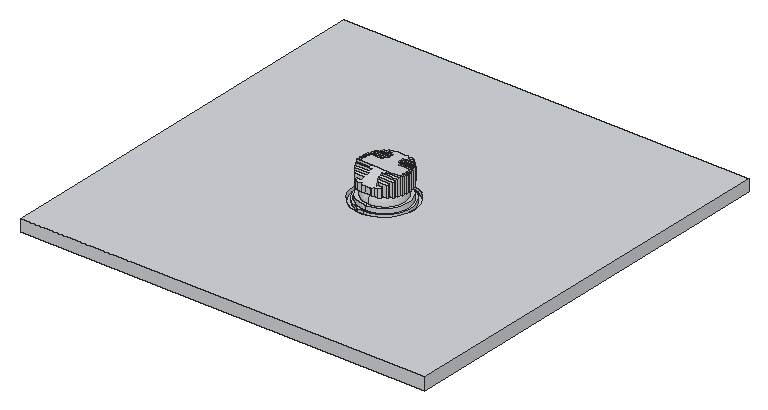
Revit family "Quinta-C100-Round", category Lighting Fixtures, Revit 2014
Parameters (values of type "Quinta C100 Round")
  Wattage Comments = "8.3"
  Wattage = 8.3 W
  built-in parameter 1150110 = 1 (stored number, unit not read)
  Type Comments = "Recessed"
  Type = "Quninta C100"
  built-in parameter 1114217 = 1 (stored number, unit not read)
  Tilt Angle = 90.00°
  built-in parameter 1150109 = 1 (stored number, unit not read)
  built-in parameter 1150134 = (empty or 0)
  built-in parameter 1150113 = 1 (stored number, unit not read)
  Photometric Web File = "G0160-250mA.ies"
  O/A Diameter (mm) = "100"
  Model = "Quinta C100"
  Manufacturer = "Designed Architectural Lighting"
  Luminous flux of luminaire (lm) = "Up to 1050 lumens"
  Lumens = 1049.95 lm
  built-in parameter 1150115 = 1 (stored number, unit not read)
  built-in parameter 1150105 = 83.552 (stored number, unit not read)
  built-in parameter 1150137 = (empty or 0)
  built-in parameter 1150139 = (empty or 0)
  built-in parameter 1150112 = 1 (stored number, unit not read)
  built-in parameter 1150114 = 1 (stored number, unit not read)
  Lamp = "LED"
  built-in parameter 1150132 = (empty or 0)
  built-in parameter 1150102 = (empty or 0)
  built-in parameter 1150138 = (empty or 0)
  built-in parameter 1150107 = 3000 (stored number, unit not read)
  built-in parameter 1150106 = 0.83552 (stored number, unit not read)
  Height (mm) = "67"
  built-in parameter 1150104 = 11.752 (stored number, unit not read)
  Dimming Lamp Color Temperature Shift = <None>
  Description = "Recessed directional LED downlighter"
  Cut Out (mm) = "90"
  Colour temperature (K) = "2700 / 3000 / 4000"
  Color Filter = 16777215
  CRI = "80"
  built-in parameter 1114218 = 1 (stored number, unit not read)
  built-in parameter 1150133 = 10 (stored number, unit not read)
  Apparent Load = 8.3 VA
  Aperture (mm) = "68"
Reference planes
  plane 1 "Light Source Axis (F/B)": y = 0
  plane 2: z = 0
  plane 3 "Light Source Axis (L/R)": x = 0
  plane 4 "Light Source Elevation": z = 0
Forms (mm)
  Extrusion 1, solid
    sketch origin (-38.915, -66.181, 0) x (1, 0, 0) y (0, 1, 0)
      loop
        line (-261.085, 366.181) -> (-261.085, -233.819) -> (338.915, -233.819) -> (338.915, 366.181) -> (-261.085, 366.181)
      loop
        circle (38.915, 66.181) r 45
    from 0 to 18
  Revolve 2, solid
    sketch origin (0, 0, 9.375) x (0, 1, 0) y (0, 0, 1)
      loop
        line (23.648, 29.403) -> (23.648, 5.332) -> (22.618, 4.737) -> (22.618, 1.504) -> (20.518, 1.504) -> (20.518, -0.401) -> (25.518, -0.401)
        arc (25.518, -0.401) -> (26.254, -0.22) -> (26.779, 0.327) r 1.359
        arc (26.779, 0.327) -> (29.626, 15.34) -> (23.648, 29.403) r 26.302
      loop
        arc (6.307, 31.652) -> (13.745, 17.066) -> (19.647, 1.795) r 159.428
        line (19.647, 1.795) -> (22.351, 1.795) -> (22.351, 3.53) -> (20.518, 3.53)
        arc (20.518, 3.53) -> (19.971, 3.756) -> (19.745, 4.303) r 0.773
        arc (19.745, 4.303) -> (14.543, 18.233) -> (8.136, 31.652) r 168.987
        line (8.136, 31.652) -> (6.307, 31.652)
      axis (0, 31.652) -> (0, -0.401)
    angle from 0 to 360
  Revolve 3, solid
    sketch origin (0, 1.562, 1.562) x (0, 1, 0) y (0, 0, 1)
      loop
        line (48.004, -1.563) -> (42.195, -1.562) -> (42.195, 13.144) -> (37.99, 13.144) -> (37.99, 16.902) -> (35.753, 16.902) -> (35.753, 15.244) -> (33.991, 15.244) -> (33.991, 22.55) -> (28.991, 22.55) -> (28.991, 12.55) -> (27.463, 12.55)
        arc (27.463, 12.55) -> (30.836, 4.433) -> (32.277, -4.238) r 38.453
        line (32.277, -4.238) -> (48.004, -4.238) -> (48.004, -1.563)
      axis (-1.25, 22.55) -> (-1.25, -4.238)
    angle from 0 to 360
  Revolve 4, solid
    sketch origin (0, 0, 23.75) x (0, 1, 0) y (0, 0, 1)
      loop
        line (0, 17.258) -> (15, 17.258) -> (15, 20.342) -> (0, 20.342) -> (0, 17.258)
      axis (0, 20.342) -> (0, 17.258)
    angle from 0 to 360
  Extrusion 5, solid
    sketch origin (-134.655, 0, 0) x (1, 0, 0) y (0, 1, 0)
      loop
        line (137.741, 33.016) -> (133.896, 33.016) -> (128.121, 33.016) -> (126.853, 31.748) -> (121.853, 31.748) -> (117.155, 30.037) -> (117.155, 29.216) -> (124.321, 29.216) -> (124.321, 26.255) -> (112.585, 26.255) -> (110.97, 24.64) -> (110.97, 23.63) -> (128.13, 23.63) -> (128.13, 20.669) -> (107.74, 20.669) -> (106.495, 19.424) -> (106.495, 18.381) -> (128.13, 18.381) -> (128.13, 15.488) -> (104.981, 15.488) -> (104.106, 15.488) -> (104.106, 12.46) -> (123.689, 12.46) -> (123.689, 9.633) -> (102.761, 9.633) -> (101.818, 9.633) -> (101.818, 7.413) -> (106.495, 7.413) -> (106.495, 4.25) -> (100.944, 4.25) -> (100.944, 1.424) -> (105.944, 1.424) -> (105.944, -1.604) -> (100.944, -1.604) -> (100.944, -3.997) -> (105.944, -3.997) -> (105.944, -7.272) -> (101.818, -7.272) -> (101.818, -9.508) -> (123.689, -9.508) -> (123.689, -13.008) -> (104.106, -13.008) -> (104.106, -15.296) -> (128.13, -15.296) -> (128.13, -18.189) -> (106.495, -18.189) -> (106.495, -19.23) -> (108.15, -20.885) -> (128.13, -20.885) -> (128.13, -23.693) -> (110.958, -23.693) -> (110.958, -24.678) -> (112.459, -26.178) -> (125.077, -26.178) -> (125.077, -29.146) -> (117.128, -29.146) -> (117.128, -30.167) -> (120.985, -31.965) -> (127.151, -31.965) -> (128.408, -33.223) -> (132.466, -33.223) -> (139.171, -33.223) -> (143.228, -33.223) -> (144.486, -31.965) -> (150.652, -31.965) -> (154.509, -30.167) -> (154.509, -29.146) -> (146.56, -29.146) -> (146.56, -26.178) -> (159.178, -26.178) -> (160.679, -24.678) -> (160.679, -23.693) -> (143.507, -23.693) -> (143.507, -20.885) -> (163.487, -20.885) -> (165.142, -19.23) -> (165.142, -18.189) -> (143.507, -18.189) -> (143.507, -15.296) -> (167.53, -15.296) -> (167.53, -13.008) -> (147.948, -13.008) -> (147.948, -9.508) -> (169.818, -9.508) -> (169.818, -7.272) -> (165.693, -7.272) -> (165.693, -3.997) -> (170.693, -3.997) -> (170.693, -1.604) -> (165.693, -1.604) -> (165.693, 1.424) -> (170.693, 1.424) -> (170.693, 4.25) -> (165.142, 4.25) -> (165.142, 7.413) -> (169.818, 7.413) -> (169.818, 9.633) -> (168.876, 9.633) -> (147.948, 9.633) -> (147.948, 12.46) -> (167.53, 12.46) -> (167.53, 15.488) -> (166.656, 15.488) -> (143.507, 15.488) -> (143.507, 18.381) -> (165.142, 18.381) -> (165.142, 19.424) -> (163.897, 20.669) -> (143.507, 20.669) -> (143.507, 23.63) -> (160.667, 23.63) -> (160.667, 24.64) -> (159.052, 26.255) -> (147.316, 26.255) -> (147.316, 29.216) -> (154.482, 29.216) -> (154.482, 30.037) -> (149.784, 31.748) -> (144.784, 31.748) -> (143.515, 33.016) -> (137.741, 33.016)
    from 38.778 to 62.945
  Extrusion 6, void
    sketch origin (0, 0, -0.312) x (0, 1, 0) y (0, 0, 1)
      loop
        line (-1.593, 64.492) -> (-1.593, 65.51) -> (-35.799, 65.51) -> (-35.799, 45.51)
        arc (-35.799, 45.51) -> (-20.941, 59.046) -> (-1.593, 64.492) r 43.666
    from -36.333 to 39.554
  Extrusion 7, void
    sketch origin (0, 0, 0) x (0, 1, 0) y (0, 0, 1)
      loop
        line (33.846, 38.172) -> (33.846, 50.633) -> (31.273, 49.433)
        arc (31.273, 49.433) -> (28.183, 45.18) -> (23.183, 43.555) r 8.507
        line (23.183, 43.555) -> (15.488, 43.555) -> (15.488, 38.172) -> (33.846, 38.172)
    from -36.333 to 36.038
  Extrusion 8, solid
    sketch origin (0, 0, 0) x (1, 0, 0) y (0, 1, 0)
      loop
        line (20.92, 1.153) -> (20.92, -1.157) -> (23.774, -1.157) -> (23.774, 1.153) -> (20.92, 1.153)
    from 7.008 to 8.974
  Extrusion 9, solid
    sketch origin (-54.673, 0, 0) x (1, 0, 0) y (0, 1, 0)
      loop
        line (30.708, 1.153) -> (30.708, -1.157) -> (33.799, -1.157) -> (33.799, 1.153) -> (30.708, 1.153)
    from 7.008 to 8.974
Cuts and joins
  Extrusion 6, Extrusion 7 cuts Extrusion 5
Dimensions and locks
  aligned and locked: plane 3 "Light Source Axis (L/R)" to imposter light
  aligned and locked: plane 1 "Light Source Axis (F/B)" to imposter light
  aligned and locked: plane 4 "Light Source Elevation" to imposter light
  aligned and locked: level to plane 2
